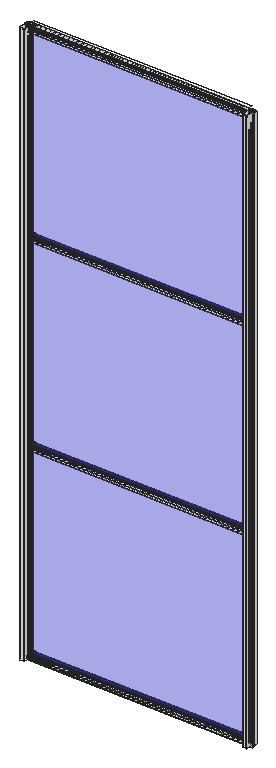
Revit family "Facade_60_Curtain_Wall_S13_Standard", category Windows, host Wall, Revit 2014 (continued)
Definition of nested family "F60 Vertical Profile Side_S13_Std"
  Automatic sketch dimensions
    Extrusion 9 sketch curve to Extrusion 9 sketch curve = 1.646 mm
    Extrusion 9 sketch curve to Extrusion 9 sketch curve = 0.707 mm
    Extrusion 9 sketch curve to Extrusion 9 sketch curve = 1.393 mm
    Extrusion 9 sketch curve to Extrusion 9 sketch curve = 1.923 mm
    Extrusion 9 sketch curve to Extrusion 9 sketch curve = 11.937 mm
    Extrusion 9 sketch curve to Extrusion 9 sketch curve = 1.6 mm
    Extrusion 9 sketch curve to Extrusion 9 sketch curve = 0.9 mm  (x2)
    Extrusion 9 sketch curve to Extrusion 9 sketch curve = 1.356 mm  (x2)
    Extrusion 9 sketch curve to Extrusion 9 sketch curve = 0.714 mm
    Extrusion 9 sketch curve to Extrusion 9 sketch curve = 0.02 mm
    Extrusion 9 sketch curve to Extrusion 9 sketch curve = 0.399 mm
    Extrusion 9 sketch curve to Extrusion 9 sketch curve = 2.224 mm
    Extrusion 9 sketch curve to Extrusion 9 sketch curve = 0.448 mm
    Extrusion 9 sketch curve to plane 1 "Center (Front/Back)" = 0.198 mm
    Extrusion 9 sketch curve to plane 1 "Center (Front/Back)" = 0.201 mm
    Extrusion 9 sketch curve to Extrusion 9 sketch curve = 0.032 mm
    Extrusion 9 sketch curve to Extrusion 9 sketch curve = 0 mm
    plane 3 "Center (Left/Right)" to Extrusion 10 sketch curve = 1.014 mm
    Extrusion 10 sketch curve to Extrusion 10 sketch curve = 0.469 mm  (x2)
    plane 3 "Center (Left/Right)" to Extrusion 10 sketch curve = 1.706 mm
    Extrusion 10 sketch curve to Extrusion 10 sketch curve = 1.079 mm
    Extrusion 10 sketch curve to Extrusion 10 sketch curve = 0.864 mm
    Extrusion 10 sketch curve to Extrusion 10 sketch curve = 1.15 mm  (x4)
    Extrusion 10 sketch curve to Extrusion 10 sketch curve = 3.2 mm  (x2)
    Extrusion 10 sketch curve to Extrusion 10 sketch curve = 3.031 mm  (x2)
    Extrusion 10 sketch curve to Extrusion 10 sketch curve = 0.6 mm  (x3)
    Extrusion 10 sketch curve to Extrusion 10 sketch curve = 15.584 mm  (x2)
    Extrusion 10 sketch curve to Extrusion 10 sketch curve = 0.808 mm  (x2)
    Extrusion 10 sketch curve to Extrusion 10 sketch curve = 3.038 mm
    Extrusion 10 sketch curve to Extrusion 10 sketch curve = 0.865 mm
    Extrusion 10 sketch curve to Extrusion 10 sketch curve = 1.25 mm  (x5)
    Extrusion 10 sketch curve to Extrusion 10 sketch curve = 0.61 mm
    plane 1 "Center (Front/Back)" to Extrusion 10 sketch curve = 31.288 mm
    Extrusion 10 sketch curve to Extrusion 10 sketch curve = 0.362 mm
    plane 1 "Center (Front/Back)" to Extrusion 10 sketch curve = 31.65 mm
    Extrusion 10 sketch curve to Extrusion 10 sketch curve = 0.962 mm
    Extrusion 10 sketch curve to Extrusion 10 sketch curve = 0.85 mm
    Extrusion 10 sketch curve to Extrusion 10 sketch curve = 0.512 mm  (x2)
    Extrusion 10 sketch curve to Extrusion 10 sketch curve = 0.4 mm  (x2)
    Extrusion 10 sketch curve to Extrusion 10 sketch curve = 1 mm
    Extrusion 10 sketch curve to Extrusion 10 sketch curve = 2.8 mm
    Extrusion 10 sketch curve to Extrusion 10 sketch curve = 0 mm  (x2)
    Extrusion 10 sketch curve to Extrusion 10 sketch curve = 1.4 mm
    Extrusion 10 sketch curve to Extrusion 10 sketch curve = 0.539 mm  (x2)
    plane 1 "Center (Front/Back)" to Extrusion 10 sketch curve = 28.864 mm
    Extrusion 11 sketch curve to plane 3 "Center (Left/Right)" = 0 mm
    plane 3 "Center (Left/Right)" to Extrusion 11 sketch curve = 0.65 mm
    Extrusion 11 sketch curve to Extrusion 11 sketch curve = 0.128 mm  (x2)
    plane 3 "Center (Left/Right)" to Extrusion 11 sketch curve = 1.014 mm
    plane 3 "Center (Left/Right)" to Extrusion 11 sketch curve = 1.05 mm
    Extrusion 11 sketch curve to Extrusion 11 sketch curve = 0.469 mm  (x2)
    Extrusion 11 sketch curve to Extrusion 11 sketch curve = 1.079 mm
    Extrusion 11 sketch curve to Extrusion 11 sketch curve = 1.317 mm  (x2)
    Extrusion 11 sketch curve to Extrusion 11 sketch curve = 0 mm  (x3)
    plane 3 "Center (Left/Right)" to Extrusion 11 sketch curve = 3.85 mm
    Extrusion 11 sketch curve to Extrusion 11 sketch curve = 0.15 mm  (x2)
    Extrusion 11 sketch curve to Extrusion 11 sketch curve = 26 mm  (x2)
    Extrusion 11 sketch curve to Extrusion 11 sketch curve = 1.05 mm
    Extrusion 11 sketch curve to Extrusion 11 sketch curve = 0.707 mm
    Extrusion 11 sketch curve to Extrusion 11 sketch curve = 0.433 mm
    plane 1 "Center (Front/Back)" to Extrusion 11 sketch curve = 31.288 mm
    plane 1 "Center (Front/Back)" to Extrusion 11 sketch curve = 28.065 mm
    Extrusion 11 sketch curve to Extrusion 11 sketch curve = 1.314 mm
    Extrusion 11 sketch curve to Extrusion 11 sketch curve = 0.65 mm
    Extrusion 11 sketch curve to Extrusion 11 sketch curve = 0.5 mm  (x2)
    plane 1 "Center (Front/Back)" to Extrusion 11 sketch curve = 32.75 mm
    Extrusion 11 sketch curve to Extrusion 11 sketch curve = 0.1 mm  (x3)
    Extrusion 11 sketch curve to Extrusion 11 sketch curve = 1.1 mm  (x2)
    Extrusion 11 sketch curve to Extrusion 11 sketch curve = 8.608 mm
    Extrusion 11 sketch curve to Extrusion 11 sketch curve = 0.962 mm
    Extrusion 12 sketch curve to plane 3 "Center (Left/Right)" = 21.349 mm
    Extrusion 12 sketch curve to Extrusion 12 sketch curve = 6.35 mm
    plane 3 "Center (Left/Right)" to Extrusion 12 sketch curve = 10.403 mm
    plane 1 "Center (Front/Back)" to Extrusion 12 sketch curve = 35.567 mm
    plane 1 "Center (Front/Back)" to Extrusion 12 sketch curve = 10.171 mm
    plane 1 "Center (Front/Back)" to Extrusion 12 sketch curve = 3.821 mm
    Extrusion 13 sketch curve to plane 3 "Center (Left/Right)" = 21.35 mm
    Extrusion 13 sketch curve to Extrusion 13 sketch curve = 6.35 mm
    plane 3 "Center (Left/Right)" to Extrusion 13 sketch curve = 10.402 mm
    plane 1 "Center (Front/Back)" to Extrusion 13 sketch curve = 33.172 mm
    plane 1 "Center (Front/Back)" to Extrusion 13 sketch curve = 7.775 mm
    plane 1 "Center (Front/Back)" to Extrusion 13 sketch curve = 1.425 mm
    Extrusion 14 sketch curve to plane 3 "Center (Left/Right)" = 0 mm
    plane 3 "Center (Left/Right)" to Extrusion 14 sketch curve = 1.2 mm
    Extrusion 14 sketch curve to Extrusion 14 sketch curve = 9.6 mm
    Extrusion 14 sketch curve to Extrusion 14 sketch curve = 1.2 mm  (x3)
    plane 1 "Center (Front/Back)" to Extrusion 14 sketch curve = 25.775 mm
    plane 1 "Center (Front/Back)" to Extrusion 14 sketch curve = 8.975 mm
    curve 4 to Extrusion 6 = 0 mm
    curve 3 to Extrusion 6 = 0 mm
    curve 1 to Extrusion 6 = 0 mm
    curve 4 to Extrusion 6 = 3.6 mm
    curve 3 to Extrusion 6 = 3.6 mm
    curve 1 to Extrusion 6 = 3.6 mm
    Extrusion 6 to curve 2 = 1 mm
    Extrusion 6 to curve 5 = 1 mm
    Extrusion 6 to curve 6 = 1 mm
    curve 6 to Extrusion 6 = 1 mm
    curve 5 to Extrusion 6 = 1 mm
    curve 2 to Extrusion 6 = 1 mm
    curve 9 to Extrusion 6 = 0 mm
    curve 8 to Extrusion 6 = 0 mm
    curve 7 to Extrusion 6 = 0 mm
    Extrusion 6 to curve 8 = 3.6 mm
    Extrusion 6 to curve 9 = 3.6 mm
    Extrusion 6 to curve 7 = 3.6 mm
    curve 12 to Extrusion 5 = 25.894 mm
    curve 11 to Extrusion 5 = 25.894 mm
    curve 10 to Extrusion 5 = 25.894 mm
    curve 10 to Extrusion 5 = 0.108 mm
    Extrusion 5 to curve 12 = 0.703 mm
    Extrusion 5 to curve 11 = 0.703 mm
    curve 13 to Extrusion 5 = 4 mm
    curve 14 to Extrusion 5 = 4 mm
    curve 15 to Extrusion 5 = 4 mm
    Extrusion 5 to curve 15 = 0.702 mm
    Extrusion 5 to curve 14 = 0.702 mm
    Extrusion 5 to curve 13 = 0.702 mm
    curve 18 to Extrusion 7 = 0 mm
    curve 17 to Extrusion 7 = 0 mm
    curve 16 to Extrusion 7 = 0 mm
    Extrusion 7 to curve 17 = 3.6 mm
    Extrusion 7 to curve 18 = 3.6 mm
    Extrusion 7 to curve 16 = 3.6 mm
    Extrusion 7 to curve 21 = 1 mm  (x2)
    Extrusion 7 to curve 20 = 1 mm  (x2)
    Extrusion 7 to curve 19 = 1 mm  (x2)
    curve 24 to Extrusion 7 = 0 mm
    curve 23 to Extrusion 7 = 0 mm
    curve 22 to Extrusion 7 = 0 mm
    curve 24 to Extrusion 7 = 3.6 mm
    curve 23 to Extrusion 7 = 3.6 mm
    curve 22 to Extrusion 7 = 3.6 mm
    curve 27 to Extrusion 8 = 0 mm
    curve 26 to Extrusion 8 = 0 mm
    curve 25 to Extrusion 8 = 0 mm
    Extrusion 8 to curve 26 = 3.6 mm
    Extrusion 8 to curve 27 = 3.6 mm
    Extrusion 8 to curve 25 = 3.6 mm
    Extrusion 8 to curve 30 = 0.221 mm
    Extrusion 8 to curve 29 = 0.221 mm
    Extrusion 8 to curve 28 = 0.221 mm
    curve 29 to Extrusion 8 = 0.222 mm
    curve 30 to Extrusion 8 = 0.222 mm
    curve 28 to Extrusion 8 = 0.222 mm
    curve 33 to Extrusion 8 = 0 mm
    curve 32 to Extrusion 8 = 0 mm
    curve 31 to Extrusion 8 = 0 mm
    curve 33 to Extrusion 8 = 3.6 mm
    curve 32 to Extrusion 8 = 3.6 mm
    curve 31 to Extrusion 8 = 3.6 mm
    curve 34 to Extrusion 11 = 4.016 mm
    curve 35 to Extrusion 11 = 4.016 mm
    curve 36 to Extrusion 11 = 3.97 mm
    Extrusion 11 to curve 36 = 0.637 mm
    Extrusion 11 to curve 35 = 0.637 mm
    Extrusion 11 to curve 34 = 0.637 mm
    curve 37 to Extrusion 11 = 29.221 mm
    curve 38 to Extrusion 11 = 29.221 mm
    curve 39 to Extrusion 11 = 29.221 mm
    Extrusion 11 to curve 39 = 3.222 mm
    Extrusion 11 to curve 38 = 3.222 mm
    Extrusion 11 to curve 37 = 3.222 mm
Definition of nested family "F60 Horizontal Profile Top_S13_Std"
  Parameters (values of type "F60 Horizontal Profile Top")
    Thermal Break Material [instance] = none
    Single Glazing [instance] = yes
    Profile Material [instance] = none
    Length [instance] = 250 mm
    Double Glazing [instance] = yes
  Reference planes
    plane 1 "Center (Front/Back)": y = 0
    plane 2: z = 0
    plane 3 "Center (Left/Right)": x = 0
  Forms (mm)
    Extrusion 1, solid, material <- "Profile Material"
      sketch origin (0, 0, 0) x (0, 1, 0) y (0, 0, 1)
        loop
          line (-9.94, 7.845) -> (-8.37, 6.275) -> (-1.2, 10.415) -> (-1.2, 1.2) -> (-5, 1.2) -> (-5, 0) -> (-1, 0)
          arc (-1, 0) -> (-0.293, 0.293) -> (0, 1) r 1
          line (0, 1) -> (0, 30) -> (0, 59)
          arc (0, 59) -> (-0.293, 59.707) -> (-1, 60) r 1
          line (-1, 60) -> (-5, 60) -> (-5, 58.8) -> (-1.2, 58.8) -> (-1.2, 49.585) -> (-8.37, 53.725) -> (-9.94, 52.155)
          arc (-9.94, 52.155) -> (-9.902, 51.269) -> (-9.016, 51.232) r 0.655
          line (-9.016, 51.232) -> (-8.077, 52.17) -> (-1.2, 48.2) -> (-1.2, 30) -> (-1.2, 11.8) -> (-8.077, 7.83) -> (-9.016, 8.768)
          arc (-9.016, 8.768) -> (-9.902, 8.731) -> (-9.94, 7.845) r 0.655
      from 0 to 250 <- "Length"
    Extrusion 2, solid, material <- "Profile Material"
      sketch origin (0, 0, 0) x (0, 1, 0) y (0, 0, 1)
        loop
          line (-5, 60) -> (-44.6, 60) -> (-44.6, 58.35) -> (-39.944, 58.35) -> (-39.944, 1.65) -> (-44.6, 1.65) -> (-44.6, 0) -> (-5, 0) -> (-5, 2.2) -> (-4.2, 2.2) -> (-4.2, 3.018)
          arc (-4.2, 3.018) -> (-4.352, 3.783) -> (-4.786, 4.432) r 2
          line (-4.786, 4.432) -> (-7.054, 6.7) -> (-8, 6.489) -> (-8, 5.7) -> (-7.205, 5.7) -> (-7.205, 2.95) -> (-8, 2.95) -> (-8, 1.95) -> (-12.752, 1.95) -> (-12.752, 6.7) -> (-14.152, 6.7) -> (-14.152, 1.65) -> (-38.65, 1.65) -> (-38.65, 8.33) -> (-37.097, 8.33) -> (-34.666, 6.973)
          arc (-34.666, 6.973) -> (-33.846, 7.192) -> (-34.066, 8.012) r 0.6
          line (-34.066, 8.012) -> (-37.128, 9.78) -> (-38.65, 9.78) -> (-38.65, 12.65) -> (-37.6, 13.7) -> (-37.6, 20.3) -> (-38.65, 21.35) -> (-38.65, 38.65) -> (-37.6, 39.7) -> (-37.6, 46.3) -> (-38.65, 47.35) -> (-38.65, 50.22) -> (-37.128, 50.22) -> (-34.066, 51.988)
          arc (-34.066, 51.988) -> (-33.846, 52.808) -> (-34.666, 53.027) r 0.6
          line (-34.666, 53.027) -> (-37.032, 51.661) -> (-38.65, 51.661) -> (-38.65, 58.35) -> (-14.152, 58.35) -> (-14.152, 53.3) -> (-12.752, 53.3) -> (-12.752, 58.05) -> (-8, 58.05) -> (-8, 57.05) -> (-7.205, 57.05) -> (-7.205, 54.3) -> (-8, 54.3) -> (-8, 53.511) -> (-7.054, 53.3) -> (-4.786, 55.568)
          arc (-4.786, 55.568) -> (-4.352, 56.217) -> (-4.2, 56.982) r 2
          line (-4.2, 56.982) -> (-4.2, 57.8) -> (-5, 57.8) -> (-5, 60)
      from 0 to 250 <- "Length"
    Extrusion 3, solid, material <- "Thermal Break Material"
      sketch origin (0, 0, 0) x (0, 1, 0) y (0, 0, 1)
        loop
          line (-40, 1.75) -> (-40, 30) -> (-40, 58.25) -> (-44.6, 58.25) -> (-44.6, 60) -> (-45.9, 60) -> (-45.9, 53.65) -> (-41.788, 53.65)
          arc (-41.788, 53.65) -> (-41.363, 53.474) -> (-41.187, 53.05) r 0.6
          line (-41.187, 53.05) -> (-41.187, 30) -> (-41.187, 6.95)
          arc (-41.187, 6.95) -> (-41.363, 6.526) -> (-41.788, 6.35) r 0.6
          line (-41.788, 6.35) -> (-45.9, 6.35) -> (-45.9, 0) -> (-44.6, 0) -> (-44.6, 1.75) -> (-40, 1.75)
      from 0 to 250 <- "Length"
    Extrusion 4, solid, material <- "Profile Material"
      sketch origin (0, 0, 0) x (0, 1, 0) y (0, 0, 1)
        loop
          line (-58.5, 25.249) -> (-43.6, 25.249)
          arc (-43.6, 25.249) -> (-43.034, 25.015) -> (-42.8, 24.449) r 0.8
          line (-42.8, 24.449) -> (-42.8, 7.9) -> (-44.4, 7.9) -> (-44.4, 9.45) -> (-45.25, 9.45)
          arc (-45.25, 9.45) -> (-45.674, 9.274) -> (-45.85, 8.85) r 0.6
          line (-45.85, 8.85) -> (-45.85, 7.9) -> (-48.8, 7.9)
          arc (-48.8, 7.9) -> (-49.3, 8.4) -> (-49.8, 7.9) r 0.5
          line (-49.8, 7.9) -> (-49.8, 5.55) -> (-48.65, 5.55) -> (-48.65, 6.7) -> (-47.35, 6.7) -> (-47.35, 1.2) -> (-48.65, 1.2) -> (-48.65, 2.35) -> (-49.8, 2.35) -> (-49.8, 0.5)
          arc (-49.8, 0.5) -> (-49.654, 0.146) -> (-49.3, 0) r 0.5
          line (-49.3, 0) -> (-45.9, 0) -> (-45.9, 6.45) -> (-42.2, 6.45)
          arc (-42.2, 6.45) -> (-41.634, 6.684) -> (-41.4, 7.25) r 0.8
          line (-41.4, 7.25) -> (-41.4, 30) -> (-41.4, 52.75)
          arc (-41.4, 52.75) -> (-41.634, 53.316) -> (-42.2, 53.55) r 0.8
          line (-42.2, 53.55) -> (-45.9, 53.55) -> (-45.9, 60) -> (-49.3, 60)
          arc (-49.3, 60) -> (-49.654, 59.854) -> (-49.8, 59.5) r 0.5
          line (-49.8, 59.5) -> (-49.8, 57.65) -> (-48.65, 57.65) -> (-48.65, 58.8) -> (-47.35, 58.8) -> (-47.35, 53.3) -> (-48.65, 53.3) -> (-48.65, 54.45) -> (-49.8, 54.45) -> (-49.8, 52.1)
          arc (-49.8, 52.1) -> (-49.3, 51.6) -> (-48.8, 52.1) r 0.5
          line (-48.8, 52.1) -> (-45.85, 52.1) -> (-45.85, 51.15)
          arc (-45.85, 51.15) -> (-45.674, 50.726) -> (-45.25, 50.55) r 0.6
          line (-45.25, 50.55) -> (-44.4, 50.55) -> (-44.4, 52.1) -> (-42.8, 52.1) -> (-42.8, 35.551)
          arc (-42.8, 35.551) -> (-43.034, 34.985) -> (-43.6, 34.751) r 0.8
          line (-43.6, 34.751) -> (-58.5, 34.751)
          arc (-58.5, 34.751) -> (-59.066, 34.516) -> (-59.3, 33.951) r 0.8
          line (-59.3, 33.951) -> (-59.3, 32.902) -> (-42.8, 32.902) -> (-42.8, 27.1) -> (-59.3, 27.1) -> (-59.3, 26.049)
          arc (-59.3, 26.049) -> (-59.066, 25.484) -> (-58.5, 25.249) r 0.8
      from 0 to 250 <- "Length"
    Extrusion 5, solid, material <- "Thermal Break Material", visible <- "Single Glazing"
      sketch origin (0, 0, 0) x (0, 1, 0) y (0, 0, 1)
        loop
          arc (-63.8, 25.751) -> (-63.654, 25.397) -> (-63.3, 25.251) r 0.5
          line (-63.3, 25.251) -> (-59.8, 25.251)
          arc (-59.8, 25.251) -> (-59.446, 25.397) -> (-59.3, 25.751) r 0.5
          line (-59.3, 25.751) -> (-59.3, 27.648) -> (-49.599, 27.648) -> (-47.528, 28.651)
          arc (-47.528, 28.651) -> (-46.803, 30.001) -> (-47.528, 31.351) r 1.62
          line (-47.528, 31.351) -> (-49.599, 32.353) -> (-59.3, 32.353) -> (-59.3, 34.251)
          arc (-59.3, 34.251) -> (-59.446, 34.604) -> (-59.8, 34.751) r 0.5
          line (-59.8, 34.751) -> (-63.3, 34.751)
          arc (-63.3, 34.751) -> (-63.654, 34.604) -> (-63.8, 34.251) r 0.5
          line (-63.8, 34.251) -> (-63.8, 32.328) -> (-62.4, 31.52) -> (-62.4, 28.483) -> (-63.8, 27.673) -> (-63.8, 25.751)
        loop
          line (-59.794, 28.506) -> (-59.006, 29.294)
          arc (-59.006, 29.294) -> (-58.788, 29.618) -> (-58.713, 30.001) r 0.986
          arc (-58.713, 30.001) -> (-58.79, 30.384) -> (-59.008, 30.71) r 1.007
          line (-59.008, 30.71) -> (-59.794, 31.496) -> (-60.65, 31.496)
          arc (-60.65, 31.496) -> (-61.004, 31.349) -> (-61.15, 30.996) r 0.5
          line (-61.15, 30.996) -> (-61.15, 29.006)
          arc (-61.15, 29.006) -> (-61.004, 28.652) -> (-60.65, 28.506) r 0.5
          line (-60.65, 28.506) -> (-59.794, 28.506)
        loop
          line (-47.854, 30.898) -> (-49.415, 31.653) -> (-56.782, 31.653)
          arc (-56.782, 31.653) -> (-57.207, 31.417) -> (-57.23, 30.932) r 0.5
          arc (-57.23, 30.932) -> (-57.013, 30.001) -> (-57.23, 29.07) r 2.099
          arc (-57.23, 29.07) -> (-57.207, 28.584) -> (-56.782, 28.348) r 0.5
          line (-56.782, 28.348) -> (-49.415, 28.348) -> (-48.055, 29.007)
          arc (-48.055, 29.007) -> (-47.35, 29.888) -> (-47.854, 30.898) r 1.047
      from 0 to 250 <- "Length"
    Extrusion 6, solid, material <- "Profile Material", visible <- "Single Glazing"
      sketch origin (0, 0, 0) x (0, 1, 0) y (0, 0, 1)
        loop
          line (-63.8, 52.694) -> (-64.8, 52.694) -> (-64.8, 51.544) -> (-66.05, 51.544) -> (-66.05, 57.044) -> (-64.8, 57.044) -> (-64.8, 55.894) -> (-63.8, 55.894) -> (-63.8, 58.294)
          arc (-63.8, 58.294) -> (-64.082, 58.803) -> (-64.664, 58.835) r 0.6
          line (-64.664, 58.835) -> (-66.562, 57.91) -> (-67.088, 58.988) -> (-68.05, 58.519) -> (-68.05, 48.513)
          arc (-68.05, 48.513) -> (-67.874, 48.089) -> (-67.45, 47.913) r 0.6
          line (-67.45, 47.913) -> (-66.6, 47.913) -> (-66.6, 12.09) -> (-67.45, 12.09)
          arc (-67.45, 12.09) -> (-67.874, 11.914) -> (-68.05, 11.49) r 0.6
          line (-68.05, 11.49) -> (-68.05, 1.485) -> (-67.088, 1.016) -> (-66.562, 2.095) -> (-64.663, 1.169)
          arc (-64.663, 1.169) -> (-64.082, 1.2) -> (-63.8, 1.709) r 0.6
          line (-63.8, 1.709) -> (-63.8, 4.109) -> (-64.8, 4.109) -> (-64.8, 2.959) -> (-66.05, 2.959) -> (-66.05, 8.459) -> (-64.8, 8.459) -> (-64.8, 7.309) -> (-63.8, 7.309) -> (-63.8, 27.674) -> (-62.4, 28.483) -> (-62.4, 31.521) -> (-63.8, 32.329) -> (-63.8, 52.694)
      from 0 to 250 <- "Length"
    Extrusion 7, solid, material <- "Profile Material", visible <- "Single Glazing"
      sketch origin (0, 0, 0) x (0, 1, 0) y (0, 0, 1)
        loop
          line (-68.551, 3.3) -> (-76.559, 3.3) -> (-76.559, 30) -> (-76.559, 56.15)
          arc (-76.559, 56.15) -> (-75.739, 58.13) -> (-73.759, 58.95) r 2.8
          line (-73.759, 58.95) -> (-69.151, 58.95) -> (-69.151, 57.2)
          arc (-69.151, 57.2) -> (-68.987, 56.829) -> (-68.601, 56.703) r 0.5
          arc (-68.601, 56.703) -> (-68.216, 56.829) -> (-68.051, 57.2) r 0.5
          line (-68.051, 57.2) -> (-68.051, 58.517) -> (-67.089, 58.986) -> (-66.563, 57.907) -> (-63.866, 59.222)
          arc (-63.866, 59.222) -> (-64.001, 59.762) -> (-64.504, 60) r 0.65
          line (-64.504, 60) -> (-73.859, 60)
          arc (-73.859, 60) -> (-76.687, 58.828) -> (-77.859, 56) r 4
          line (-77.859, 56) -> (-77.859, 30) -> (-77.859, 2.493)
          arc (-77.859, 2.493) -> (-77.197, 0.799) -> (-75.562, 0.002) r 2.5
          arc (-75.562, 0.002) -> (-75.182, 0.132) -> (-75.021, 0.5) r 0.5
          line (-75.021, 0.5) -> (-75.021, 2) -> (-69.151, 2) -> (-69.151, 0.5)
          arc (-69.151, 0.5) -> (-69.005, 0.146) -> (-68.651, 0) r 0.5
          line (-68.651, 0) -> (-64.504, 0)
          arc (-64.504, 0) -> (-64.001, 0.238) -> (-63.866, 0.778) r 0.65
          line (-63.866, 0.778) -> (-66.563, 2.093) -> (-67.089, 1.014) -> (-68.051, 1.483) -> (-68.051, 2.8)
          arc (-68.051, 2.8) -> (-68.198, 3.154) -> (-68.551, 3.3) r 0.5
      from 0 to 250 <- "Length"
    Extrusion 8, solid, material <- "Thermal Break Material", visible <- "Double Glazing"
      sketch origin (0, 0, 0) x (0, 1, 0) y (0, 0, 1)
        loop
          line (-77.8, 27.673) -> (-77.8, 25.751)
          arc (-77.8, 25.751) -> (-77.654, 25.397) -> (-77.3, 25.251) r 0.5
          line (-77.3, 25.251) -> (-59.8, 25.251)
          arc (-59.8, 25.251) -> (-59.446, 25.397) -> (-59.3, 25.751) r 0.5
          line (-59.3, 25.751) -> (-59.3, 27.647) -> (-49.599, 27.647) -> (-47.528, 28.649)
          arc (-47.528, 28.649) -> (-46.803, 29.999) -> (-47.528, 31.349) r 1.62
          line (-47.528, 31.349) -> (-49.602, 32.353) -> (-59.3, 32.353) -> (-59.3, 34.251)
          arc (-59.3, 34.251) -> (-59.446, 34.604) -> (-59.8, 34.751) r 0.5
          line (-59.8, 34.751) -> (-77.3, 34.751)
          arc (-77.3, 34.751) -> (-77.654, 34.604) -> (-77.8, 34.251) r 0.5
          line (-77.8, 34.251) -> (-77.8, 32.327) -> (-76.4, 31.52) -> (-76.4, 28.482) -> (-77.8, 27.673)
        loop
          line (-59.006, 30.708) -> (-61.156, 32.858)
          arc (-61.156, 32.858) -> (-61.48, 33.074) -> (-61.863, 33.151) r 1
          line (-61.863, 33.151) -> (-73.8, 33.151)
          arc (-73.8, 33.151) -> (-74.507, 32.858) -> (-74.8, 32.151) r 1
          line (-74.8, 32.151) -> (-74.8, 27.851)
          arc (-74.8, 27.851) -> (-74.507, 27.144) -> (-73.8, 26.851) r 1
          line (-73.8, 26.851) -> (-61.863, 26.851)
          arc (-61.863, 26.851) -> (-61.48, 26.927) -> (-61.156, 27.144) r 1
          line (-61.156, 27.144) -> (-59.006, 29.294)
          arc (-59.006, 29.294) -> (-58.788, 29.618) -> (-58.713, 30.001) r 0.986
          arc (-58.713, 30.001) -> (-58.79, 30.383) -> (-59.006, 30.708) r 1.007
        loop
          line (-56.782, 28.347) -> (-49.415, 28.347) -> (-48.055, 29.005)
          arc (-48.055, 29.005) -> (-47.35, 29.887) -> (-47.854, 30.896) r 1.047
          line (-47.854, 30.896) -> (-49.415, 31.652) -> (-56.782, 31.652)
          arc (-56.782, 31.652) -> (-57.207, 31.416) -> (-57.23, 30.93) r 0.5
          arc (-57.23, 30.93) -> (-57.013, 29.999) -> (-57.23, 29.068) r 2.099
          arc (-57.23, 29.068) -> (-57.207, 28.583) -> (-56.782, 28.347) r 0.5
      from 0 to 250 <- "Length"
    Extrusion 9, solid, material <- "Profile Material", visible <- "Double Glazing"
      sketch origin (0, 0, 0) x (0, 1, 0) y (0, 0, 1)
        loop
          line (-77.8, 52.694) -> (-78.8, 52.694) -> (-78.8, 51.544) -> (-80.05, 51.544) -> (-80.05, 57.044) -> (-78.8, 57.044) -> (-78.8, 55.894) -> (-77.8, 55.894) -> (-77.8, 58.294)
          arc (-77.8, 58.294) -> (-78.082, 58.802) -> (-78.664, 58.834) r 0.6
          line (-78.664, 58.834) -> (-80.562, 57.909) -> (-81.088, 58.988) -> (-82.05, 58.518) -> (-82.05, 48.512)
          arc (-82.05, 48.512) -> (-81.874, 48.088) -> (-81.45, 47.912) r 0.6
          line (-81.45, 47.912) -> (-80.6, 47.912) -> (-80.6, 12.089) -> (-81.45, 12.089)
          arc (-81.45, 12.089) -> (-81.874, 11.913) -> (-82.05, 11.489) r 0.6
          line (-82.05, 11.489) -> (-82.05, 1.484) -> (-81.088, 1.015) -> (-80.562, 2.094) -> (-78.663, 1.169)
          arc (-78.663, 1.169) -> (-78.082, 1.199) -> (-77.8, 1.708) r 0.6
          line (-77.8, 1.708) -> (-77.8, 4.108) -> (-78.8, 4.108) -> (-78.8, 2.958) -> (-80.05, 2.958) -> (-80.05, 8.458) -> (-78.8, 8.458) -> (-78.8, 7.308) -> (-77.8, 7.308) -> (-77.8, 27.673) -> (-76.4, 28.482) -> (-76.4, 31.52) -> (-77.8, 32.328) -> (-77.8, 52.694)
      from 0 to 250 <- "Length"
    Extrusion 10, solid, material <- "Profile Material", visible <- "Double Glazing"
      sketch origin (0, 0, 0) x (0, 1, 0) y (0, 0, 1)
        loop
          line (-82.551, 3.3) -> (-90.558, 3.3) -> (-90.558, 30) -> (-90.558, 56.15)
          arc (-90.558, 56.15) -> (-89.738, 58.13) -> (-87.758, 58.95) r 2.8
          line (-87.758, 58.95) -> (-83.151, 58.95) -> (-83.151, 57.2)
          arc (-83.151, 57.2) -> (-82.986, 56.829) -> (-82.601, 56.703) r 0.5
          arc (-82.601, 56.703) -> (-82.215, 56.829) -> (-82.051, 57.2) r 0.5
          line (-82.051, 57.2) -> (-82.051, 58.517) -> (-81.088, 58.986) -> (-80.563, 57.907) -> (-77.866, 59.222)
          arc (-77.866, 59.222) -> (-78, 59.762) -> (-78.503, 60) r 0.65
          line (-78.503, 60) -> (-87.858, 60)
          arc (-87.858, 60) -> (-90.687, 58.828) -> (-91.858, 56) r 4
          line (-91.858, 56) -> (-91.858, 30) -> (-91.858, 2.493)
          arc (-91.858, 2.493) -> (-91.196, 0.799) -> (-89.561, 0.002) r 2.5
          arc (-89.561, 0.002) -> (-89.182, 0.132) -> (-89.021, 0.5) r 0.5
          line (-89.021, 0.5) -> (-89.021, 2) -> (-83.151, 2) -> (-83.151, 0.5)
          arc (-83.151, 0.5) -> (-83.004, 0.146) -> (-82.651, 0) r 0.5
          line (-82.651, 0) -> (-78.503, 0)
          arc (-78.503, 0) -> (-78, 0.238) -> (-77.866, 0.778) r 0.65
          line (-77.866, 0.778) -> (-80.563, 2.093) -> (-81.088, 1.014) -> (-82.051, 1.483) -> (-82.051, 2.8)
          arc (-82.051, 2.8) -> (-82.197, 3.154) -> (-82.551, 3.3) r 0.5
      from 0 to 250 <- "Length"
    Extrusion 11, solid, material <- "Profile Material", visible <- "Double Glazing"
      sketch origin (0, 0, 0) x (0, 1, 0) y (0, 0, 1)
        loop
          line (-57.8, 45.73) -> (-51.8, 45.73) -> (-51.8, 95.73) -> (-101.8, 95.73) -> (-101.8, 89.73) -> (-57.8, 89.73) -> (-57.8, 45.73)
      from 0 to 250 <- "Length"
    Extrusion 12, solid, material <- "Profile Material", visible <- "Double Glazing"
      sketch origin (0, 0, 0) x (0, 1, 0) y (0, 0, 1)
        loop
          line (-75.8, 48) -> (-57.8, 48) -> (-57.8, 60) -> (-75.8, 60) -> (-75.8, 48)
        loop
          line (-74.6, 49.2) -> (-59, 49.2) -> (-59, 58.8) -> (-74.6, 58.8) -> (-74.6, 49.2)
      from 0 to 250 <- "Length"
    Extrusion 13, solid, material <- "Profile Material", visible <- "Single Glazing"
      sketch origin (0, 0, 0) x (0, 1, 0) y (0, 0, 1)
        loop
          line (-59.8, 45.865) -> (-53.8, 45.865) -> (-53.8, 95.865) -> (-103.8, 95.865) -> (-103.8, 89.865) -> (-59.8, 89.865) -> (-59.8, 45.865)
      from 0 to 250 <- "Length"
  Dimensions and locks
    aligned and locked: level to plane 2
Definition of nested family "F60 Sill_S13_Std"
  Parameters (values of type "F60 Sill")
    Profile Material [instance] = none
    Length Sill [instance] = 250 mm
  Reference planes
    plane 1 "Center (Front/Back)": y = 0
    plane 2: z = 0
    plane 3 "Center (Left/Right)": x = 0
  Forms (mm)
    Extrusion 1, solid, material <- "Profile Material"
      sketch origin (0, 0, 0) x (0, 1, 0) y (0, 0, 1)
        loop
          line (-42.734, 5.324) -> (-48.256, 4.643)
          arc (-48.256, 4.643) -> (-49.196, 4.147) -> (-49.572, 3.154) r 1.5
          line (-49.572, 3.154) -> (-49.572, 1.88) -> (-47.772, 1.88) -> (-47.772, 3.191) -> (-19.233, 6.714)
          arc (-19.233, 6.714) -> (-17.924, 7.083) -> (-16.785, 7.826) r 4.5
          line (-16.785, 7.826) -> (-16.785, 1.88) -> (-15.285, 1.88) -> (-15.285, 24.58)
          arc (-15.285, 24.58) -> (-15.109, 25.004) -> (-14.685, 25.18) r 0.6
          line (-14.685, 25.18) -> (-4.072, 25.18) -> (-4.072, 1.88) -> (-2.572, 1.88) -> (-2.572, 29.88) -> (-4.072, 29.88) -> (-4.072, 28.88) -> (-5.222, 28.88) -> (-5.222, 27.68) -> (-4.072, 27.68) -> (-4.072, 26.38) -> (-9.572, 26.38) -> (-9.572, 27.68) -> (-8.422, 27.68) -> (-8.422, 28.88) -> (-10.172, 28.88)
          arc (-10.172, 28.88) -> (-10.597, 28.704) -> (-10.772, 28.28) r 0.6
          line (-10.772, 28.28) -> (-10.772, 26.38) -> (-15.285, 26.38)
          arc (-15.285, 26.38) -> (-16.345, 25.941) -> (-16.785, 24.88) r 1.5
          line (-16.785, 24.88) -> (-16.785, 11.18)
          arc (-16.785, 11.18) -> (-17.537, 9.193) -> (-19.417, 8.203) r 3
          line (-19.417, 8.203) -> (-39.35, 5.742)
          arc (-39.35, 5.742) -> (-40.527, 6.107) -> (-41.034, 7.231) r 1.5
          line (-41.034, 7.231) -> (-41.034, 19.996)
          arc (-41.034, 19.996) -> (-40.883, 20.394) -> (-40.507, 20.592) r 0.6
          line (-40.507, 20.592) -> (-32.917, 21.529)
          arc (-32.917, 21.529) -> (-31.977, 22.024) -> (-31.601, 23.017) r 1.5
          line (-31.601, 23.017) -> (-31.601, 28.88) -> (-33.101, 28.88) -> (-33.101, 23.548)
          arc (-33.101, 23.548) -> (-33.251, 23.15) -> (-33.627, 22.952) r 0.6
          line (-33.627, 22.952) -> (-45.787, 21.451)
          arc (-45.787, 21.451) -> (-46.727, 20.956) -> (-47.104, 19.962) r 1.5
          line (-47.104, 19.962) -> (-47.104, 19.054)
          arc (-47.104, 19.054) -> (-46.957, 18.7) -> (-46.604, 18.554) r 0.5
          line (-46.604, 18.554) -> (-45.604, 18.554) -> (-45.604, 19.962) -> (-42.734, 20.317) -> (-42.734, 5.324)
      from 0 to 250 <- "Length Sill"
  Dimensions and locks
    aligned and locked: level to plane 2
Definition of nested family "F60 Horizontal Profile Bottom_S13_Std"
  Parameters (values of type "F60 Horizontal Profile Bottom")
    Thermal Break Material [instance] = none
    Single Glazing [instance] = yes
    Profile Material [instance] = none
    Length [instance] = 250 mm
    Double Glazing [instance] = yes
  Reference planes
    plane 1 "Center (Front/Back)": y = 0
    plane 2: z = 0
    plane 3 "Center (Left/Right)": x = 0
  Forms (mm)
    Extrusion 1, solid, material <- "Profile Material"
      sketch origin (0, 0, 0) x (0, 1, 0) y (0, 0, 1)
        loop
          line (-9.94, 7.845) -> (-8.37, 6.275) -> (-1.2, 10.415) -> (-1.2, 1.2) -> (-5, 1.2) -> (-5, 0) -> (-1, 0)
          arc (-1, 0) -> (-0.293, 0.293) -> (0, 1) r 1
          line (0, 1) -> (0, 30) -> (0, 59)
          arc (0, 59) -> (-0.293, 59.707) -> (-1, 60) r 1
          line (-1, 60) -> (-5, 60) -> (-5, 58.8) -> (-1.2, 58.8) -> (-1.2, 49.585) -> (-8.37, 53.725) -> (-9.94, 52.155)
          arc (-9.94, 52.155) -> (-9.902, 51.269) -> (-9.016, 51.232) r 0.655
          line (-9.016, 51.232) -> (-8.077, 52.17) -> (-1.2, 48.2) -> (-1.2, 30) -> (-1.2, 11.8) -> (-8.077, 7.83) -> (-9.016, 8.768)
          arc (-9.016, 8.768) -> (-9.902, 8.731) -> (-9.94, 7.845) r 0.655
      from 0 to 250 <- "Length"
    Extrusion 2, solid, material <- "Profile Material"
      sketch origin (0, 0, 0) x (0, 1, 0) y (0, 0, 1)
        loop
          line (-5, 60) -> (-44.6, 60) -> (-44.6, 58.35) -> (-39.944, 58.35) -> (-39.944, 1.65) -> (-44.6, 1.65) -> (-44.6, 0) -> (-5, 0) -> (-5, 2.2) -> (-4.2, 2.2) -> (-4.2, 3.018)
          arc (-4.2, 3.018) -> (-4.352, 3.783) -> (-4.786, 4.432) r 2
          line (-4.786, 4.432) -> (-7.054, 6.7) -> (-8, 6.489) -> (-8, 5.7) -> (-7.205, 5.7) -> (-7.205, 2.95) -> (-8, 2.95) -> (-8, 1.95) -> (-12.752, 1.95) -> (-12.752, 6.7) -> (-14.152, 6.7) -> (-14.152, 1.65) -> (-38.65, 1.65) -> (-38.65, 8.33) -> (-37.097, 8.33) -> (-34.666, 6.973)
          arc (-34.666, 6.973) -> (-33.846, 7.192) -> (-34.066, 8.012) r 0.6
          line (-34.066, 8.012) -> (-37.128, 9.78) -> (-38.65, 9.78) -> (-38.65, 12.65) -> (-37.6, 13.7) -> (-37.6, 20.3) -> (-38.65, 21.35) -> (-38.65, 38.65) -> (-37.6, 39.7) -> (-37.6, 46.3) -> (-38.65, 47.35) -> (-38.65, 50.22) -> (-37.128, 50.22) -> (-34.066, 51.988)
          arc (-34.066, 51.988) -> (-33.846, 52.808) -> (-34.666, 53.027) r 0.6
          line (-34.666, 53.027) -> (-37.032, 51.661) -> (-38.65, 51.661) -> (-38.65, 58.35) -> (-14.152, 58.35) -> (-14.152, 53.3) -> (-12.752, 53.3) -> (-12.752, 58.05) -> (-8, 58.05) -> (-8, 57.05) -> (-7.205, 57.05) -> (-7.205, 54.3) -> (-8, 54.3) -> (-8, 53.511) -> (-7.054, 53.3) -> (-4.786, 55.568)
          arc (-4.786, 55.568) -> (-4.352, 56.217) -> (-4.2, 56.982) r 2
          line (-4.2, 56.982) -> (-4.2, 57.8) -> (-5, 57.8) -> (-5, 60)
      from 0 to 250 <- "Length"
    Extrusion 3, solid, material <- "Thermal Break Material"
      sketch origin (0, 0, 0) x (0, 1, 0) y (0, 0, 1)
        loop
          line (-40, 1.75) -> (-40, 30) -> (-40, 58.25) -> (-44.6, 58.25) -> (-44.6, 60) -> (-45.9, 60) -> (-45.9, 53.65) -> (-41.788, 53.65)
          arc (-41.788, 53.65) -> (-41.363, 53.474) -> (-41.187, 53.05) r 0.6
          line (-41.187, 53.05) -> (-41.187, 30) -> (-41.187, 6.95)
          arc (-41.187, 6.95) -> (-41.363, 6.526) -> (-41.788, 6.35) r 0.6
          line (-41.788, 6.35) -> (-45.9, 6.35) -> (-45.9, 0) -> (-44.6, 0) -> (-44.6, 1.75) -> (-40, 1.75)
      from 0 to 250 <- "Length"
    Extrusion 4, solid, material <- "Profile Material"
      sketch origin (0, 0, 0) x (0, 1, 0) y (0, 0, 1)
        loop
          line (-58.5, 25.249) -> (-43.6, 25.249)
          arc (-43.6, 25.249) -> (-43.034, 25.015) -> (-42.8, 24.449) r 0.8
          line (-42.8, 24.449) -> (-42.8, 7.9) -> (-44.4, 7.9) -> (-44.4, 9.45) -> (-45.25, 9.45)
          arc (-45.25, 9.45) -> (-45.674, 9.274) -> (-45.85, 8.85) r 0.6
          line (-45.85, 8.85) -> (-45.85, 7.9) -> (-48.8, 7.9)
          arc (-48.8, 7.9) -> (-49.3, 8.4) -> (-49.8, 7.9) r 0.5
          line (-49.8, 7.9) -> (-49.8, 5.55) -> (-48.65, 5.55) -> (-48.65, 6.7) -> (-47.35, 6.7) -> (-47.35, 1.2) -> (-48.65, 1.2) -> (-48.65, 2.35) -> (-49.8, 2.35) -> (-49.8, 0.5)
          arc (-49.8, 0.5) -> (-49.654, 0.146) -> (-49.3, 0) r 0.5
          line (-49.3, 0) -> (-45.9, 0) -> (-45.9, 6.45) -> (-42.2, 6.45)
          arc (-42.2, 6.45) -> (-41.634, 6.684) -> (-41.4, 7.25) r 0.8
          line (-41.4, 7.25) -> (-41.4, 30) -> (-41.4, 52.75)
          arc (-41.4, 52.75) -> (-41.634, 53.316) -> (-42.2, 53.55) r 0.8
          line (-42.2, 53.55) -> (-45.9, 53.55) -> (-45.9, 60) -> (-49.3, 60)
          arc (-49.3, 60) -> (-49.654, 59.854) -> (-49.8, 59.5) r 0.5
          line (-49.8, 59.5) -> (-49.8, 57.65) -> (-48.65, 57.65) -> (-48.65, 58.8) -> (-47.35, 58.8) -> (-47.35, 53.3) -> (-48.65, 53.3) -> (-48.65, 54.45) -> (-49.8, 54.45) -> (-49.8, 52.1)
          arc (-49.8, 52.1) -> (-49.3, 51.6) -> (-48.8, 52.1) r 0.5
          line (-48.8, 52.1) -> (-45.85, 52.1) -> (-45.85, 51.15)
          arc (-45.85, 51.15) -> (-45.674, 50.726) -> (-45.25, 50.55) r 0.6
          line (-45.25, 50.55) -> (-44.4, 50.55) -> (-44.4, 52.1) -> (-42.8, 52.1) -> (-42.8, 35.551)
          arc (-42.8, 35.551) -> (-43.034, 34.985) -> (-43.6, 34.751) r 0.8
          line (-43.6, 34.751) -> (-58.5, 34.751)
          arc (-58.5, 34.751) -> (-59.066, 34.516) -> (-59.3, 33.951) r 0.8
          line (-59.3, 33.951) -> (-59.3, 32.902) -> (-42.8, 32.902) -> (-42.8, 27.1) -> (-59.3, 27.1) -> (-59.3, 26.049)
          arc (-59.3, 26.049) -> (-59.066, 25.484) -> (-58.5, 25.249) r 0.8
      from 0 to 250 <- "Length"
    Extrusion 5, solid, material <- "Thermal Break Material", visible <- "Single Glazing"
      sketch origin (0, 0, 0) x (0, 1, 0) y (0, 0, 1)
        loop
          arc (-63.8, 25.751) -> (-63.654, 25.397) -> (-63.3, 25.251) r 0.5
          line (-63.3, 25.251) -> (-59.8, 25.251)
          arc (-59.8, 25.251) -> (-59.446, 25.397) -> (-59.3, 25.751) r 0.5
          line (-59.3, 25.751) -> (-59.3, 27.648) -> (-49.599, 27.648) -> (-47.528, 28.651)
          arc (-47.528, 28.651) -> (-46.803, 30.001) -> (-47.528, 31.351) r 1.62
          line (-47.528, 31.351) -> (-49.599, 32.353) -> (-59.3, 32.353) -> (-59.3, 34.251)
          arc (-59.3, 34.251) -> (-59.446, 34.604) -> (-59.8, 34.751) r 0.5
          line (-59.8, 34.751) -> (-63.3, 34.751)
          arc (-63.3, 34.751) -> (-63.654, 34.604) -> (-63.8, 34.251) r 0.5
          line (-63.8, 34.251) -> (-63.8, 32.328) -> (-62.4, 31.52) -> (-62.4, 28.483) -> (-63.8, 27.673) -> (-63.8, 25.751)
        loop
          line (-59.794, 28.506) -> (-59.006, 29.294)
          arc (-59.006, 29.294) -> (-58.788, 29.618) -> (-58.713, 30.001) r 0.986
          arc (-58.713, 30.001) -> (-58.79, 30.384) -> (-59.008, 30.71) r 1.007
          line (-59.008, 30.71) -> (-59.794, 31.496) -> (-60.65, 31.496)
          arc (-60.65, 31.496) -> (-61.004, 31.349) -> (-61.15, 30.996) r 0.5
          line (-61.15, 30.996) -> (-61.15, 29.006)
          arc (-61.15, 29.006) -> (-61.004, 28.652) -> (-60.65, 28.506) r 0.5
          line (-60.65, 28.506) -> (-59.794, 28.506)
        loop
          line (-47.854, 30.898) -> (-49.415, 31.653) -> (-56.782, 31.653)
          arc (-56.782, 31.653) -> (-57.207, 31.417) -> (-57.23, 30.932) r 0.5
          arc (-57.23, 30.932) -> (-57.013, 30.001) -> (-57.23, 29.07) r 2.099
          arc (-57.23, 29.07) -> (-57.207, 28.584) -> (-56.782, 28.348) r 0.5
          line (-56.782, 28.348) -> (-49.415, 28.348) -> (-48.055, 29.007)
          arc (-48.055, 29.007) -> (-47.35, 29.888) -> (-47.854, 30.898) r 1.047
      from 0 to 250 <- "Length"
    Extrusion 6, solid, material <- "Profile Material", visible <- "Single Glazing"
      sketch origin (0, 0, 0) x (0, 1, 0) y (0, 0, 1)
        loop
          line (-63.8, 52.694) -> (-64.8, 52.694) -> (-64.8, 51.544) -> (-66.05, 51.544) -> (-66.05, 57.044) -> (-64.8, 57.044) -> (-64.8, 55.894) -> (-63.8, 55.894) -> (-63.8, 58.294)
          arc (-63.8, 58.294) -> (-64.082, 58.803) -> (-64.664, 58.835) r 0.6
          line (-64.664, 58.835) -> (-66.562, 57.91) -> (-67.088, 58.988) -> (-68.05, 58.519) -> (-68.05, 48.513)
          arc (-68.05, 48.513) -> (-67.874, 48.089) -> (-67.45, 47.913) r 0.6
          line (-67.45, 47.913) -> (-66.6, 47.913) -> (-66.6, 12.09) -> (-67.45, 12.09)
          arc (-67.45, 12.09) -> (-67.874, 11.914) -> (-68.05, 11.49) r 0.6
          line (-68.05, 11.49) -> (-68.05, 1.485) -> (-67.088, 1.016) -> (-66.562, 2.095) -> (-64.663, 1.169)
          arc (-64.663, 1.169) -> (-64.082, 1.2) -> (-63.8, 1.709) r 0.6
          line (-63.8, 1.709) -> (-63.8, 4.109) -> (-64.8, 4.109) -> (-64.8, 2.959) -> (-66.05, 2.959) -> (-66.05, 8.459) -> (-64.8, 8.459) -> (-64.8, 7.309) -> (-63.8, 7.309) -> (-63.8, 27.674) -> (-62.4, 28.483) -> (-62.4, 31.521) -> (-63.8, 32.329) -> (-63.8, 52.694)
      from 0 to 250 <- "Length"
    Extrusion 7, solid, material <- "Profile Material", visible <- "Single Glazing"
      sketch origin (0, 0, 0) x (0, 1, 0) y (0, 0, 1)
        loop
          line (-68.551, 3.3) -> (-76.559, 3.3) -> (-76.559, 30) -> (-76.559, 56.15)
          arc (-76.559, 56.15) -> (-75.739, 58.13) -> (-73.759, 58.95) r 2.8
          line (-73.759, 58.95) -> (-69.151, 58.95) -> (-69.151, 57.2)
          arc (-69.151, 57.2) -> (-68.987, 56.829) -> (-68.601, 56.703) r 0.5
          arc (-68.601, 56.703) -> (-68.216, 56.829) -> (-68.051, 57.2) r 0.5
          line (-68.051, 57.2) -> (-68.051, 58.517) -> (-67.089, 58.986) -> (-66.563, 57.907) -> (-63.866, 59.222)
          arc (-63.866, 59.222) -> (-64.001, 59.762) -> (-64.504, 60) r 0.65
          line (-64.504, 60) -> (-73.859, 60)
          arc (-73.859, 60) -> (-76.687, 58.828) -> (-77.859, 56) r 4
          line (-77.859, 56) -> (-77.859, 30) -> (-77.859, 2.493)
          arc (-77.859, 2.493) -> (-77.197, 0.799) -> (-75.562, 0.002) r 2.5
          arc (-75.562, 0.002) -> (-75.182, 0.132) -> (-75.021, 0.5) r 0.5
          line (-75.021, 0.5) -> (-75.021, 2) -> (-69.151, 2) -> (-69.151, 0.5)
          arc (-69.151, 0.5) -> (-69.005, 0.146) -> (-68.651, 0) r 0.5
          line (-68.651, 0) -> (-64.504, 0)
          arc (-64.504, 0) -> (-64.001, 0.238) -> (-63.866, 0.778) r 0.65
          line (-63.866, 0.778) -> (-66.563, 2.093) -> (-67.089, 1.014) -> (-68.051, 1.483) -> (-68.051, 2.8)
          arc (-68.051, 2.8) -> (-68.198, 3.154) -> (-68.551, 3.3) r 0.5
      from 0 to 250 <- "Length"
    Extrusion 8, solid, material <- "Thermal Break Material", visible <- "Double Glazing"
      sketch origin (0, 0, 0) x (0, 1, 0) y (0, 0, 1)
        loop
          line (-77.8, 27.673) -> (-77.8, 25.751)
          arc (-77.8, 25.751) -> (-77.654, 25.397) -> (-77.3, 25.251) r 0.5
          line (-77.3, 25.251) -> (-59.8, 25.251)
          arc (-59.8, 25.251) -> (-59.446, 25.397) -> (-59.3, 25.751) r 0.5
          line (-59.3, 25.751) -> (-59.3, 27.647) -> (-49.599, 27.647) -> (-47.528, 28.649)
          arc (-47.528, 28.649) -> (-46.803, 29.999) -> (-47.528, 31.349) r 1.62
          line (-47.528, 31.349) -> (-49.602, 32.353) -> (-59.3, 32.353) -> (-59.3, 34.251)
          arc (-59.3, 34.251) -> (-59.446, 34.604) -> (-59.8, 34.751) r 0.5
          line (-59.8, 34.751) -> (-77.3, 34.751)
          arc (-77.3, 34.751) -> (-77.654, 34.604) -> (-77.8, 34.251) r 0.5
          line (-77.8, 34.251) -> (-77.8, 32.327) -> (-76.4, 31.52) -> (-76.4, 28.482) -> (-77.8, 27.673)
        loop
          line (-59.006, 30.708) -> (-61.156, 32.858)
          arc (-61.156, 32.858) -> (-61.48, 33.074) -> (-61.863, 33.151) r 1
          line (-61.863, 33.151) -> (-73.8, 33.151)
          arc (-73.8, 33.151) -> (-74.507, 32.858) -> (-74.8, 32.151) r 1
          line (-74.8, 32.151) -> (-74.8, 27.851)
          arc (-74.8, 27.851) -> (-74.507, 27.144) -> (-73.8, 26.851) r 1
          line (-73.8, 26.851) -> (-61.863, 26.851)
          arc (-61.863, 26.851) -> (-61.48, 26.927) -> (-61.156, 27.144) r 1
          line (-61.156, 27.144) -> (-59.006, 29.294)
          arc (-59.006, 29.294) -> (-58.788, 29.618) -> (-58.713, 30.001) r 0.986
          arc (-58.713, 30.001) -> (-58.79, 30.383) -> (-59.006, 30.708) r 1.007
        loop
          line (-56.782, 28.347) -> (-49.415, 28.347) -> (-48.055, 29.005)
          arc (-48.055, 29.005) -> (-47.35, 29.887) -> (-47.854, 30.896) r 1.047
          line (-47.854, 30.896) -> (-49.415, 31.652) -> (-56.782, 31.652)
          arc (-56.782, 31.652) -> (-57.207, 31.416) -> (-57.23, 30.93) r 0.5
          arc (-57.23, 30.93) -> (-57.013, 29.999) -> (-57.23, 29.068) r 2.099
          arc (-57.23, 29.068) -> (-57.207, 28.583) -> (-56.782, 28.347) r 0.5
      from 0 to 250 <- "Length"
    Extrusion 9, solid, material <- "Profile Material", visible <- "Double Glazing"
      sketch origin (0, 0, 0) x (0, 1, 0) y (0, 0, 1)
        loop
          line (-77.8, 52.694) -> (-78.8, 52.694) -> (-78.8, 51.544) -> (-80.05, 51.544) -> (-80.05, 57.044) -> (-78.8, 57.044) -> (-78.8, 55.894) -> (-77.8, 55.894) -> (-77.8, 58.294)
          arc (-77.8, 58.294) -> (-78.082, 58.802) -> (-78.664, 58.834) r 0.6
          line (-78.664, 58.834) -> (-80.562, 57.909) -> (-81.088, 58.988) -> (-82.05, 58.518) -> (-82.05, 48.512)
          arc (-82.05, 48.512) -> (-81.874, 48.088) -> (-81.45, 47.912) r 0.6
          line (-81.45, 47.912) -> (-80.6, 47.912) -> (-80.6, 12.089) -> (-81.45, 12.089)
          arc (-81.45, 12.089) -> (-81.874, 11.913) -> (-82.05, 11.489) r 0.6
          line (-82.05, 11.489) -> (-82.05, 1.484) -> (-81.088, 1.015) -> (-80.562, 2.094) -> (-78.663, 1.169)
          arc (-78.663, 1.169) -> (-78.082, 1.199) -> (-77.8, 1.708) r 0.6
          line (-77.8, 1.708) -> (-77.8, 4.108) -> (-78.8, 4.108) -> (-78.8, 2.958) -> (-80.05, 2.958) -> (-80.05, 8.458) -> (-78.8, 8.458) -> (-78.8, 7.308) -> (-77.8, 7.308) -> (-77.8, 27.673) -> (-76.4, 28.482) -> (-76.4, 31.52) -> (-77.8, 32.328) -> (-77.8, 52.694)
      from 0 to 250 <- "Length"
    Extrusion 10, solid, material <- "Profile Material", visible <- "Double Glazing"
      sketch origin (0, 0, 0) x (0, 1, 0) y (0, 0, 1)
        loop
          line (-82.551, 3.3) -> (-90.558, 3.3) -> (-90.558, 30) -> (-90.558, 56.15)
          arc (-90.558, 56.15) -> (-89.738, 58.13) -> (-87.758, 58.95) r 2.8
          line (-87.758, 58.95) -> (-83.151, 58.95) -> (-83.151, 57.2)
          arc (-83.151, 57.2) -> (-82.986, 56.829) -> (-82.601, 56.703) r 0.5
          arc (-82.601, 56.703) -> (-82.215, 56.829) -> (-82.051, 57.2) r 0.5
          line (-82.051, 57.2) -> (-82.051, 58.517) -> (-81.088, 58.986) -> (-80.563, 57.907) -> (-77.866, 59.222)
          arc (-77.866, 59.222) -> (-78, 59.762) -> (-78.503, 60) r 0.65
          line (-78.503, 60) -> (-87.858, 60)
          arc (-87.858, 60) -> (-90.687, 58.828) -> (-91.858, 56) r 4
          line (-91.858, 56) -> (-91.858, 30) -> (-91.858, 2.493)
          arc (-91.858, 2.493) -> (-91.196, 0.799) -> (-89.561, 0.002) r 2.5
          arc (-89.561, 0.002) -> (-89.182, 0.132) -> (-89.021, 0.5) r 0.5
          line (-89.021, 0.5) -> (-89.021, 2) -> (-83.151, 2) -> (-83.151, 0.5)
          arc (-83.151, 0.5) -> (-83.004, 0.146) -> (-82.651, 0) r 0.5
          line (-82.651, 0) -> (-78.503, 0)
          arc (-78.503, 0) -> (-78, 0.238) -> (-77.866, 0.778) r 0.65
          line (-77.866, 0.778) -> (-80.563, 2.093) -> (-81.088, 1.014) -> (-82.051, 1.483) -> (-82.051, 2.8)
          arc (-82.051, 2.8) -> (-82.197, 3.154) -> (-82.551, 3.3) r 0.5
      from 0 to 250 <- "Length"
    Extrusion 11, solid, material <- "Profile Material", visible <- "Single Glazing"
      sketch origin (0, 0, 0) x (0, 1, 0) y (0, 0, 1)
        loop
          line (-63.8, 18) -> (-63.8, 0) -> (-51.8, 0) -> (-51.8, 18) -> (-63.8, 18)
        loop
          line (-62.6, 16.8) -> (-62.6, 1.2) -> (-53, 1.2) -> (-53, 16.8) -> (-62.6, 16.8)
      from 0 to 250 <- "Length"
    Extrusion 12, solid, material <- "Profile Material", visible <- "Double Glazing"
      sketch origin (0, 0, 0) x (0, 1, 0) y (0, 0, 1)
        loop
          line (-76.4, 0) -> (-51.4, 0) -> (-51.4, 25) -> (-76.4, 25) -> (-76.4, 0)
        loop
          line (-74.9, 1.5) -> (-52.9, 1.5) -> (-52.9, 23.5) -> (-74.9, 23.5) -> (-74.9, 1.5)
      from 0 to 250 <- "Length"
  Dimensions and locks
    aligned and locked: level to plane 2
Definition of nested family "F60_Single_Glazing_S13_Std"
  Parameters (values of type "F60_Single_Glazing")
    Glazing Width [instance] = 900 mm
    Glazing Height [instance] = 900 mm
    SG Thickness [instance] = 4 mm
    Glazing Finish [instance] = Glass
  Reference planes
    plane 1 "Center (Front/Back)": y = 0
    plane 2: z = 0
    plane 3 "Center (Left/Right)": x = 0
  Forms (mm)
    Extrusion 1, solid, material "Glass" <- "Glazing Finish"
      sketch origin (0, 0, 0) x (1, 0, 0) y (0, 0, 1)
        loop
          line (0, 0) -> (0, 900) -> (-900, 900) -> (-900, 0) -> (0, 0)
      from 0 to 4 <- "SG Thickness"
  Dimensions and locks
    "Glazing Width": plane 3 "Center (Left/Right)" to Extrusion 1 sketch curve
    "Glazing Height": Extrusion 1 sketch curve to level
    aligned and locked: level to plane 2
    aligned and locked: Extrusion 1 sketch curve to plane 3 "Center (Left/Right)"
    aligned and locked: level to Extrusion 1 sketch curve
Definition of nested family "F60_Double_Glazing_S13_Std"
  Parameters (values of type "F60_Double_Glazing")
    Glazing Width [instance] = 600 mm
    Glazing Height [instance] = 600 mm
    Glazing Thickness DG [instance] = 4 mm
    Glazing Material [instance] = Glass
    Double Glazing Gasket Thickness [instance] = 12 mm
    Double Glazing Gasket Material [instance] = none
  Reference planes
    plane 1 "Center (Front/Back)": y = 0
    plane 2: z = 0
    plane 3 "Center (Left/Right)": x = 0
  Forms (mm)
    Extrusion 1, solid, material "Glass" <- "Glazing Material"
      sketch origin (0, 0, 0) x (1, 0, 0) y (0, 0, 1)
        loop
          line (0, 0) -> (0, 600) -> (-600, 600) -> (-600, 0) -> (0, 0)
      from 0 to 4 <- "Glazing Thickness DG"
    Extrusion 2, solid, material <- "Double Glazing Gasket Material"
      sketch origin (0, -4, 0) x (1, 0, 0) y (0, 0, 1)
        loop
          line (-600, 600) -> (-600, 0) -> (0, 0) -> (0, 600) -> (-600, 600)
        loop
          line (-592, 8) -> (-8, 8) -> (-8, 592) -> (-592, 592) -> (-592, 8)
      from 0 to 12 <- "Double Glazing Gasket Thickness"
    Extrusion 3, solid, material "Glass" <- "Glazing Material"
      sketch origin (0, -16, 0) x (1, 0, 0) y (0, 0, 1)
        loop
          line (-600, 600) -> (-600, 0) -> (0, 0) -> (0, 600) -> (-600, 600)
      from 0 to 4 <- "Glazing Thickness DG"
  Dimensions and locks
    "Glazing Width": plane 3 "Center (Left/Right)" to Extrusion 1 sketch curve
    "Glazing Height": Extrusion 1 sketch curve to level
    aligned and locked: level to plane 2
    aligned and locked: Extrusion 1 sketch curve to plane 3 "Center (Left/Right)"
    aligned and locked: level to Extrusion 1 sketch curve
    aligned and locked: Extrusion 2 sketch curve to Extrusion 1  (x4)
    aligned and locked: Extrusion 3 sketch curve to Extrusion 2  (x4)
  Automatic sketch dimensions
    Extrusion 2 sketch curve to Extrusion 1 = 8 mm  (x4)
Definition of nested family "F60 Horizontal Profile Middle_S13_Std"
  Parameters (values of type "F60 Horizontal Profile Middle")
    Thermal Break Material [instance] = none
    Single Glazing [instance] = yes
    Profile Material [instance] = none
    Length [instance] = 250 mm
    Double Glazing [instance] = yes
  Reference planes
    plane 1 "Center (Front/Back)": y = 0
    plane 2: z = 0
    plane 3 "Center (Left/Right)": x = 0
  Forms (mm)
    Extrusion 1, solid, material <- "Profile Material"
      sketch origin (0, 0, 0) x (0, 1, 0) y (0, 0, 1)
        loop
          line (-9.94, 7.845) -> (-8.37, 6.275) -> (-1.2, 10.415) -> (-1.2, 1.2) -> (-5, 1.2) -> (-5, 0) -> (-1, 0)
          arc (-1, 0) -> (-0.293, 0.293) -> (0, 1) r 1
          line (0, 1) -> (0, 30) -> (0, 59)
          arc (0, 59) -> (-0.293, 59.707) -> (-1, 60) r 1
          line (-1, 60) -> (-5, 60) -> (-5, 58.8) -> (-1.2, 58.8) -> (-1.2, 49.585) -> (-8.37, 53.725) -> (-9.94, 52.155)
          arc (-9.94, 52.155) -> (-9.902, 51.269) -> (-9.016, 51.232) r 0.655
          line (-9.016, 51.232) -> (-8.077, 52.17) -> (-1.2, 48.2) -> (-1.2, 30) -> (-1.2, 11.8) -> (-8.077, 7.83) -> (-9.016, 8.768)
          arc (-9.016, 8.768) -> (-9.902, 8.731) -> (-9.94, 7.845) r 0.655
      from 0 to 250 <- "Length"
    Extrusion 2, solid, material <- "Profile Material"
      sketch origin (0, 0, 0) x (0, 1, 0) y (0, 0, 1)
        loop
          line (-5, 60) -> (-44.6, 60) -> (-44.6, 58.35) -> (-39.944, 58.35) -> (-39.944, 1.65) -> (-44.6, 1.65) -> (-44.6, 0) -> (-5, 0) -> (-5, 2.2) -> (-4.2, 2.2) -> (-4.2, 3.018)
          arc (-4.2, 3.018) -> (-4.352, 3.783) -> (-4.786, 4.432) r 2
          line (-4.786, 4.432) -> (-7.054, 6.7) -> (-8, 6.489) -> (-8, 5.7) -> (-7.205, 5.7) -> (-7.205, 2.95) -> (-8, 2.95) -> (-8, 1.95) -> (-12.752, 1.95) -> (-12.752, 6.7) -> (-14.152, 6.7) -> (-14.152, 1.65) -> (-38.65, 1.65) -> (-38.65, 8.33) -> (-37.097, 8.33) -> (-34.666, 6.973)
          arc (-34.666, 6.973) -> (-33.846, 7.192) -> (-34.066, 8.012) r 0.6
          line (-34.066, 8.012) -> (-37.128, 9.78) -> (-38.65, 9.78) -> (-38.65, 12.65) -> (-37.6, 13.7) -> (-37.6, 20.3) -> (-38.65, 21.35) -> (-38.65, 38.65) -> (-37.6, 39.7) -> (-37.6, 46.3) -> (-38.65, 47.35) -> (-38.65, 50.22) -> (-37.128, 50.22) -> (-34.066, 51.988)
          arc (-34.066, 51.988) -> (-33.846, 52.808) -> (-34.666, 53.027) r 0.6
          line (-34.666, 53.027) -> (-37.032, 51.661) -> (-38.65, 51.661) -> (-38.65, 58.35) -> (-14.152, 58.35) -> (-14.152, 53.3) -> (-12.752, 53.3) -> (-12.752, 58.05) -> (-8, 58.05) -> (-8, 57.05) -> (-7.205, 57.05) -> (-7.205, 54.3) -> (-8, 54.3) -> (-8, 53.511) -> (-7.054, 53.3) -> (-4.786, 55.568)
          arc (-4.786, 55.568) -> (-4.352, 56.217) -> (-4.2, 56.982) r 2
          line (-4.2, 56.982) -> (-4.2, 57.8) -> (-5, 57.8) -> (-5, 60)
      from 0 to 250 <- "Length"
    Extrusion 3, solid, material <- "Thermal Break Material"
      sketch origin (0, 0, 0) x (0, 1, 0) y (0, 0, 1)
        loop
          line (-40, 1.75) -> (-40, 30) -> (-40, 58.25) -> (-44.6, 58.25) -> (-44.6, 60) -> (-45.9, 60) -> (-45.9, 53.65) -> (-41.788, 53.65)
          arc (-41.788, 53.65) -> (-41.363, 53.474) -> (-41.187, 53.05) r 0.6
          line (-41.187, 53.05) -> (-41.187, 30) -> (-41.187, 6.95)
          arc (-41.187, 6.95) -> (-41.363, 6.526) -> (-41.788, 6.35) r 0.6
          line (-41.788, 6.35) -> (-45.9, 6.35) -> (-45.9, 0) -> (-44.6, 0) -> (-44.6, 1.75) -> (-40, 1.75)
      from 0 to 250 <- "Length"
    Extrusion 4, solid, material <- "Profile Material"
      sketch origin (0, 0, 0) x (0, 1, 0) y (0, 0, 1)
        loop
          line (-58.5, 25.249) -> (-43.6, 25.249)
          arc (-43.6, 25.249) -> (-43.034, 25.015) -> (-42.8, 24.449) r 0.8
          line (-42.8, 24.449) -> (-42.8, 7.9) -> (-44.4, 7.9) -> (-44.4, 9.45) -> (-45.25, 9.45)
          arc (-45.25, 9.45) -> (-45.674, 9.274) -> (-45.85, 8.85) r 0.6
          line (-45.85, 8.85) -> (-45.85, 7.9) -> (-48.8, 7.9)
          arc (-48.8, 7.9) -> (-49.3, 8.4) -> (-49.8, 7.9) r 0.5
          line (-49.8, 7.9) -> (-49.8, 5.55) -> (-48.65, 5.55) -> (-48.65, 6.7) -> (-47.35, 6.7) -> (-47.35, 1.2) -> (-48.65, 1.2) -> (-48.65, 2.35) -> (-49.8, 2.35) -> (-49.8, 0.5)
          arc (-49.8, 0.5) -> (-49.654, 0.146) -> (-49.3, 0) r 0.5
          line (-49.3, 0) -> (-45.9, 0) -> (-45.9, 6.45) -> (-42.2, 6.45)
          arc (-42.2, 6.45) -> (-41.634, 6.684) -> (-41.4, 7.25) r 0.8
          line (-41.4, 7.25) -> (-41.4, 30) -> (-41.4, 52.75)
          arc (-41.4, 52.75) -> (-41.634, 53.316) -> (-42.2, 53.55) r 0.8
          line (-42.2, 53.55) -> (-45.9, 53.55) -> (-45.9, 60) -> (-49.3, 60)
          arc (-49.3, 60) -> (-49.654, 59.854) -> (-49.8, 59.5) r 0.5
          line (-49.8, 59.5) -> (-49.8, 57.65) -> (-48.65, 57.65) -> (-48.65, 58.8) -> (-47.35, 58.8) -> (-47.35, 53.3) -> (-48.65, 53.3) -> (-48.65, 54.45) -> (-49.8, 54.45) -> (-49.8, 52.1)
          arc (-49.8, 52.1) -> (-49.3, 51.6) -> (-48.8, 52.1) r 0.5
          line (-48.8, 52.1) -> (-45.85, 52.1) -> (-45.85, 51.15)
          arc (-45.85, 51.15) -> (-45.674, 50.726) -> (-45.25, 50.55) r 0.6
          line (-45.25, 50.55) -> (-44.4, 50.55) -> (-44.4, 52.1) -> (-42.8, 52.1) -> (-42.8, 35.551)
